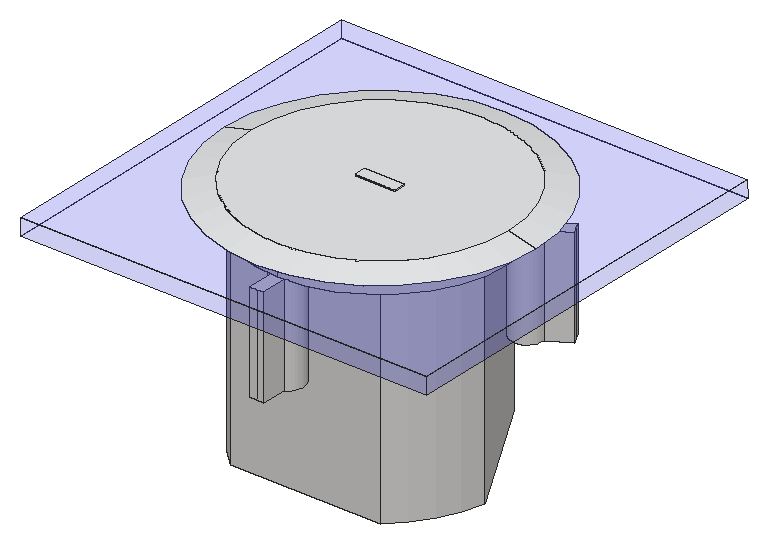
Revit family "AD-C4T", category Communication Devices, host Face, Revit 2014
Parameters (values of type "AD-C4T")
  Width = Grille Radius Base * 2  # 230 mm
  Weight Product (lb) = 6.4
  Weight Product (kg) = 2.9
  Weight Dimensional (lb) = 10.25
  Weight Dimensional (kg) = 4.65
  URL = ""
  Sensitivity = 90
  SPL Max = 104.8
  Regulatory Compliance = "EN54-24, UL1480, UL2043, NFPA90, NFPA70, UL1876, ROHS, C-TICK X000, CE"
  Product Page URL = ""
  Product Documentation Link = ""
  Power Handling = 30
  Model = "AD-C4T"
  Middle Radius = 95 mm
  Middle Depth = 17 mm
  Manufacturer URL = "www.qscaudio.com"
  Manufacturer = "QSC Audio Products, LLC"
  Logo Material [instance] = White Powder Coated Finish
  Impedance = 16
  Grille Radius Extent = 95 mm
  Grille Radius Base = 115 mm
  Grille Material [instance] = White Powder Coated Mesh
  Grille Depth = 5 mm
  Enclosure Radius = 88.5 mm
  Enclosure Depth = 155 mm
  Description = "4.5\" Two-way Loudspeaker"
  Depth = Grille Depth + Middle Depth + Enclosure Depth  # 177 mm
  Default Elevation = 0 mm
  Coverage Vertical = 120.00°
  Coverage Horizontal = 120.00°
  70V Taps = "3.75, 7.5, 15, 30"
  100V Taps = "7.5, 15, 30"
Reference planes
  plane 1 "Center (Front/Back)": y = 0
  plane 2: z = 0
  plane 3 "Center (Left/Right)": x = 0
  plane 4 "Grill Extent": z = 5
  plane 5 "Enclosure Extent": z = -172
  plane 6 "Middle Extent": z = -17
Forms (mm)
  Extrusion 1, solid, material "Glass"
    sketch origin (14.7, -39.7, 0) x (1, 0, 0) y (0, 1, 0)
      loop
        line (-155.341, 179.986) -> (-155.341, -116.896) -> (144.574, -116.896) -> (144.574, 179.986) -> (-155.341, 179.986)
    from 0 to -12.576
  Extrusion 2, solid, material "Steel"
    sketch origin (0, 0, -17) x (0, 1, 0) y (-1, 0, 0)
      loop
        circle (0, 0) r 95
    from 0 to 17 <- "Middle Depth"
  Extrusion 3, solid, material "Steel"
    sketch origin (0, 0, -172) x (0, 1, 0) y (-1, 0, 0)
      loop
        circle (0, 0) r 88.5
    from 0 to 155 <- "Enclosure Depth"
  Blend 4, solid, material "White Powder Coated Mesh" <- "Grille Material"
    base sketch origin (0, 0, 0) x (1, 0, 0) y (0, 1, 0)
      loop
        circle (0, 0) r 115
    top sketch origin (0, 0, 0) x (1, 0, 0) y (0, 1, 0)
      loop
        circle (0, 0) r 95
    from 0 to 5 <- "Grille Depth"
  Extrusion 5, solid, material "White Powder Coated Finish" <- "Logo Material"
    sketch origin (-182.677, -24.318, 5) x (0, 1, 0) y (-1, 0, 0)
      loop
        arc (28.268, -168.392) -> (28.119, -168.033) -> (27.76, -167.884) r 0.508
        line (27.76, -167.884) -> (20.111, -167.884)
        arc (20.111, -167.884) -> (19.752, -168.033) -> (19.603, -168.392) r 0.508
        line (19.603, -168.392) -> (19.603, -196.527)
        arc (19.603, -196.527) -> (19.752, -196.887) -> (20.111, -197.035) r 0.508
        line (20.111, -197.035) -> (27.76, -197.035)
        arc (27.76, -197.035) -> (28.119, -196.887) -> (28.268, -196.527) r 0.508
        line (28.268, -196.527) -> (28.268, -168.392)
    from 0 to 0.794
  Extrusion 6, void
    sketch origin (0, 0, -172) x (0, 1, 0) y (-1, 0, 0)
      loop
        line (109.628, -16.381) -> (-34.316, -99.487) -> (109.628, -99.487) -> (109.628, -16.381)
      loop
        line (-69, -84.512) -> (-69, 84.512) -> (-104, 84.512) -> (-104, -84.512) -> (-69, -84.512)
      loop
        line (109.628, 16.381) -> (109.628, 99.487) -> (-34.316, 99.487) -> (109.628, 16.381)
    from 0 to 155 <- "Enclosure Depth"
  Extrusion 7, solid, material "Steel"
    sketch origin (0, 0, -17) x (0, 1, 0) y (-1, 0, 0)
      loop
        arc (-95.856, -5) -> (-74, 0) -> (-95.856, 5) r 11.5
        line (-95.856, 5) -> (-114, 5) -> (-114, 0) -> (-114, -5) -> (-95.856, -5)
      loop
        arc (52.258, -80.514) -> (37, -64.086) -> (43.598, -85.514) r 11.5
        line (43.598, -85.514) -> (52.67, -101.227) -> (57, -98.727) -> (61.33, -96.227) -> (52.258, -80.514)
      loop
        arc (43.598, 85.514) -> (37, 64.086) -> (52.258, 80.514) r 11.5
        line (52.258, 80.514) -> (61.33, 96.227) -> (57, 98.727) -> (52.67, 101.227) -> (43.598, 85.514)
    from 0 to -73
Cuts and joins
  Extrusion 6 cuts Extrusion 2
  Extrusion 6 cuts Extrusion 3
Lines and regions (mm)
  model lines
    curve 1: line (1.937, -1.546, 5.794) -> (-0.28, 1.374, 5.794)
    curve 2: line (-0.28, 1.374, 5.794) -> (1.937, -1.546, 5.794)
    curve 3: line (-8.315, -1.182, 5.794) -> (-7.478, 1.831, 5.794)
    curve 4: line (-7.478, 1.831, 5.794) -> (-8.315, -1.182, 5.794)
    curve 5: line (-6.916, -3.176, 5.794) -> (-7.541, 2.398, 5.794)
    curve 6: line (-7.541, 2.398, 5.794) -> (-6.916, -3.176, 5.794)
    curve 7: line (4.904, 0.724, 5.794) -> (6.881, -0.728, 5.794)
    curve 8: line (6.881, -0.728, 5.794) -> (4.904, 0.724, 5.794)
Dimensions and locks
  "Grille Depth": plane 4 "Grill Extent" to plane 2
  "Middle Depth": plane 6 "Middle Extent" to plane 2
  "Enclosure Depth": plane 5 "Enclosure Extent" to plane 6 "Middle Extent"
  "Middle Radius": radius of Extrusion 2 sketch curve
  "Enclosure Radius": radius of Extrusion 3 sketch curve
  "Grille Radius Base": radius of Blend 4 sketch curve
  "Grille Radius Extent": radius of Blend 4 sketch curve
  aligned and locked: plane 2 to Extrusion 1
  aligned and locked: level to Extrusion 1
  aligned and locked: Blend 4 to plane 2
Automatic sketch dimensions
  Extrusion 1 sketch curve to Extrusion 1 sketch curve = 299.916 mm
  Extrusion 1 sketch curve to Extrusion 1 sketch curve = 296.882 mm
  plane 1 "Center (Front/Back)" to Extrusion 2 sketch curve = 0 mm
  Extrusion 2 sketch curve to plane 3 "Center (Left/Right)" = 0 mm
  plane 1 "Center (Front/Back)" to Extrusion 3 sketch curve = 0 mm
  Extrusion 3 sketch curve to plane 3 "Center (Left/Right)" = 0 mm
  plane 1 "Center (Front/Back)" to Blend 4 sketch curve = 0 mm  (x2)
  Blend 4 sketch curve to plane 3 "Center (Left/Right)" = 0 mm  (x2)
  plane 1 "Center (Front/Back)" to Extrusion 5 sketch curve = 4.714 mm
  Extrusion 5 sketch curve to Extrusion 5 sketch curve = 0.508 mm  (x3)
  Extrusion 5 sketch curve to Extrusion 5 sketch curve = 7.649 mm  (x2)
  plane 3 "Center (Left/Right)" to Extrusion 5 sketch curve = 14.359 mm
  Extrusion 5 sketch curve to Extrusion 5 sketch curve = 28.136 mm
  curve 6 to Extrusion 5 = 1.538 mm
  curve 5 to curve 6 = 0 mm  (x3)
  curve 1 to Extrusion 5 = 3.168 mm
  curve 2 to curve 1 = 0 mm  (x3)
  curve 6 to curve 4 = 1.994 mm
  curve 3 to curve 4 = 0 mm  (x3)
  curve 7 to Extrusion 5 = 3.986 mm
  curve 8 to curve 7 = 0 mm  (x3)
  curve 8 to curve 7 = 1.452 mm
  curve 1 to Extrusion 5 = 2.576 mm
  curve 3 to curve 6 = 0.568 mm
  curve 8 to Extrusion 5 = 7.478 mm
  curve 7 to curve 8 = 0 mm
  curve 8 to curve 7 = 1.976 mm
  curve 7 to curve 2 = 2.968 mm
  curve 1 to curve 2 = 0 mm
  curve 1 to curve 1 = 2.216 mm
  curve 6 to Extrusion 5 = 7.876 mm
  curve 5 to curve 4 = 0.561 mm
  curve 3 to curve 5 = 0.064 mm
  curve 6 to curve 5 = 0 mm
  curve 6 to curve 4 = 1.399 mm
  plane 3 "Center (Left/Right)" to Extrusion 6 sketch curve = 84.512 mm
  plane 1 "Center (Front/Back)" to Extrusion 6 sketch curve = 104 mm
  plane 1 "Center (Front/Back)" to Extrusion 6 sketch curve = 34.316 mm  (x2)
  Extrusion 6 sketch curve to plane 3 "Center (Left/Right)" = 16.381 mm
  Extrusion 6 sketch curve to plane 1 "Center (Front/Back)" = 109.628 mm
  plane 3 "Center (Left/Right)" to Extrusion 6 sketch curve = 16.381 mm
  Extrusion 6 sketch curve to Extrusion 6 sketch curve = 14.975 mm  (x2)
  Extrusion 6 sketch curve to Extrusion 6 sketch curve = 34.684 mm
  Extrusion 6 sketch curve to Extrusion 6 sketch curve = 0 mm
  Extrusion 6 sketch curve to Extrusion 6 sketch curve = 83.106 mm
  Extrusion 7 sketch curve to plane 3 "Center (Left/Right)" = 0 mm  (x2)
  Extrusion 7 sketch curve to plane 3 "Center (Left/Right)" = 5 mm
  plane 1 "Center (Front/Back)" to Extrusion 7 sketch curve = 114 mm
  plane 3 "Center (Left/Right)" to Extrusion 7 sketch curve = 5 mm
  Extrusion 7 sketch curve to Extrusion 7 sketch curve = 18.144 mm
  Extrusion 7 sketch curve to Extrusion 7 sketch curve = 10.356 mm
  Extrusion 7 sketch curve to plane 1 "Center (Front/Back)" = 42.75 mm  (x2)
  Extrusion 7 sketch curve to Extrusion 7 sketch curve = 0.848 mm  (x2)
  Extrusion 7 sketch curve to Extrusion 7 sketch curve = 8.66 mm  (x2)
  Extrusion 7 sketch curve to Extrusion 7 sketch curve = 9.072 mm  (x2)
  Extrusion 7 sketch curve to Extrusion 7 sketch curve = 4.33 mm  (x4)
  plane 3 "Center (Left/Right)" to Extrusion 7 sketch curve = 74.045 mm
  Extrusion 7 sketch curve to Extrusion 7 sketch curve = 6.469 mm  (x2)
  Extrusion 7 sketch curve to Extrusion 7 sketch curve = 15.713 mm  (x2)
  Extrusion 7 sketch curve to plane 3 "Center (Left/Right)" = 74.045 mm
  Extrusion 7 sketch curve to Extrusion 7 sketch curve = 0 mm
Connectors
  electrical at (0, 0, -172)
    settings: on Extrusion 3, index 2, voltage 0 V, apparent load 0 VA, apparent load phase1 0 VA, apparent load phase2 0 VA, apparent load phase3 0 VA, power factor 1, load classification "Other", number of poles 1, system type 14, power factor state 1, is connector primary yes, connector utility no, sub classification motor no, connector description "Speaker"
